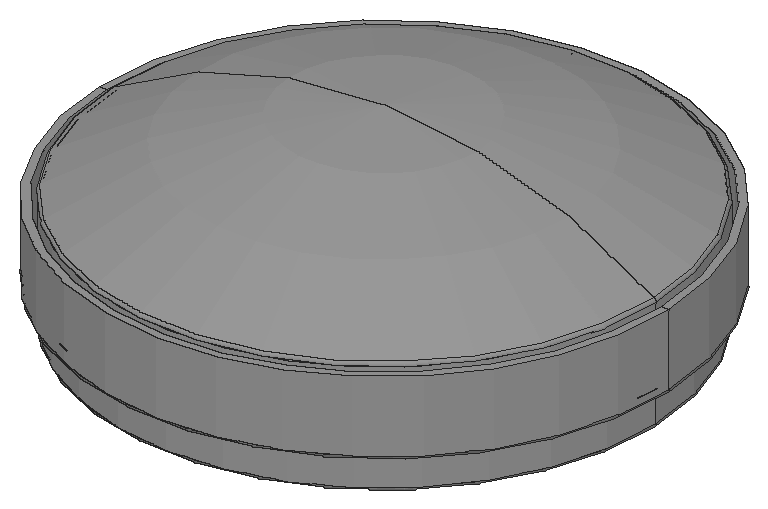
Revit family "3034765 Sylvania Lighting Fixture GIOTTO305 LED G2 3000K SURFACE", category Lighting Fixtures, host Face, Revit 2016
Family settings
  Host = Face
  Part Type = Normal
  Round Connector Dimension = Use Diameter
  OmniClass Number = 23.80.70.00
  OmniClass Title = Lighting
  Cut with Voids When Loaded = No
  Light Source = Yes
  Shared = No
  Room Calculation Point = No
Parameters (values of type "3034765 GIOTTO305 LED G2 3000K SURFACE")
  Weight = "1.11 kg"
  Wattage Comments = ""
  Wattage = 19 W
  WarrantyStartDate [instance] = "n/a"
  WarrantyGuarantorParts = "n/a"
  WarrantyDurationUnit = "n/a"
  WarrantyDurationParts = "n/a"
  WarrantyDescription = "n/a"
  built-in parameter 1150110 = 1 (stored number, unit not read)
  Voltage = 0 V
  URL = "http://www.sylvania-lighting.com"
  TypeName = "GIOTTO305 LED G2 3000K SURFACE"
  Type Image = <None>
  Type Comments = "n/a"
  built-in parameter 1114217 = 1 (stored number, unit not read)
  Tilt Angle = -90.00°
  built-in parameter 1150109 = 1 (stored number, unit not read)
  built-in parameter 1150134 = (empty or 0)
  built-in parameter 1150113 = 1 (stored number, unit not read)
  SerialNumber [instance] = "n/a"
  Photometric Web File = "3034765.ies"
  Material_3_SYL = LED-Sylvania
  PowerFactor = 0
  PowerConsumption = "19 W"
  NominalLength = 305 mm
  NominalHeight = 104 mm
  NominalDepth = 305 mm
  Name = "GIOTTO305 LED G2 3000K SURFACE"
  ModelReference = Name  # "GIOTTO305 LED G2 3000K SURFACE"
  ModelNumber = "3034765"
  Model = Name  # "GIOTTO305 LED G2 3000K SURFACE"
  Material = "polycarbonate housing, polycarbonate diffuser"
  ManufacturerName = "Feilo Sylvania"
  Manufacturer = "Feilo Sylvania"
  LuminousEfficacy = "78 lm/W"
  built-in parameter 1150105 = 117.93 (stored number, unit not read)
  Lumens = 1482 lm
  LuminaireType = ""
  built-in parameter 1150115 = 1 (stored number, unit not read)
  LightOutputRatio = "n/a"
  built-in parameter 1150137 = (empty or 0)
  built-in parameter 1150139 = (empty or 0)
  LampsType = Lamp  # "LED"
  LampNominalLuminous = "1491 lm"
  LampMacAdamStep = "n/a"
  LampColourTemperature = "3000 K"
  LampColourRenderingIndex = "80"
  built-in parameter 1150112 = 1 (stored number, unit not read)
  built-in parameter 1150114 = 1 (stored number, unit not read)
  Lamp = "LED"
  Keynote = "16500"
  InstallationDate [instance] = "n/a"
  InputVoltage = "n/a"
  InputNominalFrequency = "n/a"
  built-in parameter 1150132 = (empty or 0)
  built-in parameter 1150102 = (empty or 0)
  built-in parameter 1150107 = 3000 (stored number, unit not read)
  built-in parameter 1150138 = (empty or 0)
  IngressProtection = "IP44"
  ImpactProtectionIndex = "IK10"
  built-in parameter 1150106 = 1.1793 (stored number, unit not read)
  IfcExportType = "IfcLightFixtureType"
  IfcExportAs = "IfcLightFixtureType"
  Height_SYL = 104 mm
  ExpectedLife = 50000
  Emit from Circle Diameter = 317 mm
  Emit Shape Visible in Rendering = no
  ElectricShockClassification = "Class I"
  built-in parameter 1150104 = 7.2464 (stored number, unit not read)
  DurationUnit = "hours"
  DocumentationLiterature = "http://www.sylvania-lighting.com/product/en-int/products/3034765"
  DimmingControlOptions = "n/a"
  Material_2_SYL = Polycarbonate_Sylvania_Giotto_Opal
  Dimming Lamp Color Temperature Shift = <None>
  DiffuserRadius_SYL = 282.611 mm
  Diameter_SYL = 305 mm
  Description = "Ambient and decorative round, surface mounted LED bulkhead luminaire. White robust polycarbonate body with opal diffuser, 1491 lm, 19W, 78lm/W, 3000K, CRI 80, non-dimmable, 50,000 hours lumen maintenance. Drive current: 700mA, IP44, IK10, Class I, 220-240V, Energy class: A++, A+, A."
  Default Elevation = 1219.2 mm
  CreatedOn = "11/7/2018"
  CreatedBy = "@sylvania-lighting.com"
  Cost = 0
  Color Filter = 16777215
  built-in parameter 1114216 [instance] = (empty or 0)
  ClassificationValue = "EF_70_80"
  ClassificationName = "Uniclass2015"
  Material_1_SYL = Polycarbonate_Sylvania_Giotto_White
  BarCode [instance] = "n/a"
  built-in parameter 1114218 = 1 (stored number, unit not read)
  built-in parameter 1150133 = 10 (stored number, unit not read)
  AssetType = "Fixed"
  AssetIdentifier [instance] = "n/a"
  Assembly Code = "D5020200"
  Apparent Load = 19 VA
  Material_4_SYL = none
Reference planes
  plane 1 "Center (Front/Back)": y = 0
  plane 2: z = 0
  plane 3 "Center (Left/Right)": x = 0
  plane 4: x = 152.5
  plane 5: x = -152.5
  plane 6: x = -145.5
  plane 7: x = -148.5
  plane 8: z = 104
  plane 9: z = 59
  plane 10: z = 19
  plane 11: z = 24
  plane 12: x = -150.9
  plane 13: z = 20.6
  plane 14: z = 1.6
  plane 15: x = -143.9
  plane 16: z = 18
  plane 17: x = -146.5
  plane 18: z = 25
  plane 19: z = 61
Forms (mm)
  Revolve 1, solid, material "Polycarbonate_Sylvania_Giotto_White" <- "Material_1_SYL"
    sketch origin (0, 0, 0) x (1, 0, 0) y (0, 0, 1)
      loop
        line (0, 0) -> (0, 25) -> (-143.9, 25) -> (-143.9, 24) -> (-148.5, 24) -> (-148.5, 59) -> (-152.5, 59) -> (-152.5, 20.6)
        arc (-152.5, 20.6) -> (-152.031, 19.469) -> (-150.9, 19) r 1.6
        line (-150.9, 19) -> (-146.5, 19)
        arc (-146.5, 19) -> (-145.793, 18.707) -> (-145.5, 18) r 1
        line (-145.5, 18) -> (-145.5, 1.6)
        arc (-145.5, 1.6) -> (-145.031, 0.469) -> (-143.9, 0) r 1.6
        line (-143.9, 0) -> (0, 0)
      axis (0, 59) -> (0, 0)
    angle from 360 to 0
  Revolve 2, solid, material "Polycarbonate_Sylvania_Giotto_Opal" <- "Material_2_SYL"
    sketch origin (0, 0, 0) x (1, 0, 0) y (0, 0, 1)
      loop
        line (-145.5, 24) -> (-143.9, 24) -> (-143.9, 59.636)
        arc (-143.9, 59.636) -> (-143.79, 60.068) -> (-143.485, 60.394) r 0.9
        arc (-143.485, 60.394) -> (-74.754, 91.683) -> (0, 102.4) r 266.066
        line (0, 102.4) -> (0, 104)
        arc (0, 104) -> (-75.203, 93.218) -> (-144.348, 61.742) r 267.666
        arc (-144.348, 61.742) -> (-145.193, 60.836) -> (-145.5, 59.636) r 2.5
        line (-145.5, 59.636) -> (-145.5, 24)
      axis (0, 104) -> (0, 24)
    angle from 360 to 0
Dimensions and locks
  equal spacing: plane 4, plane 3 "Center (Left/Right)", plane 5
  "Diameter_SYL": plane 4 to plane 5
  locked: plane 6 to plane 5 at 7
  locked: plane 7 to plane 5 at 4
  "Height_SYL": plane 8 to plane 2
  locked: plane 8 to plane 9 at 45
  locked: plane 9 to plane 10 at 40
  Revolve 1 sketch curve to Revolve 1 sketch curve = 4.4 mm
  locked: plane 11 to plane 10 at 5
  locked: plane 12 to plane 5 at 1.6
  locked: plane 13 to plane 10 at 1.6
  locked: plane 14 to plane 2 at 1.6
  locked: plane 15 to plane 6 at 1.6
  locked: plane 6 to plane 17 at 1
  locked: plane 10 to plane 16 at 1
  locked: plane 18 to plane 11 at 1
  locked: plane 19 to plane 9 at 2
  aligned and locked: plane 2 to host face
  aligned and locked: level to host face
  aligned and locked: Revolve 1 sketch curve to plane 3 "Center (Left/Right)"
  aligned and locked: level to Revolve 1 sketch curve
  aligned and locked: Revolve 1 sketch curve to plane 10
  aligned and locked: plane 9 to Revolve 1 sketch curve
  aligned and locked: Revolve 1 sketch curve to plane 7
  aligned and locked: plane 12 to Revolve 1 sketch curve  (x2)
  aligned and locked: plane 13 to Revolve 1 sketch curve  (x2)
  aligned and locked: plane 15 to Revolve 1 sketch curve  (x3)
  aligned and locked: plane 14 to Revolve 1 sketch curve  (x2)
  aligned and locked: plane 3 "Center (Left/Right)" to imposter light
  aligned and locked: imposter light to plane 1 "Center (Front/Back)"
  aligned and locked: plane 18 to Revolve 1 sketch curve
  aligned and locked: plane 11 to Revolve 1 sketch curve
  aligned and locked: imposter light to plane 8
  aligned and locked: plane 6 to Revolve 1 sketch curve
  aligned and locked: plane 17 to Revolve 1 sketch curve
  aligned and locked: plane 16 to Revolve 1 sketch curve
  aligned and locked: Revolve 2 sketch curve to plane 3 "Center (Left/Right)"
  aligned and locked: plane 6 to Revolve 2 sketch curve
  aligned and locked: plane 3 "Center (Left/Right)" to Revolve 2 sketch curve
  aligned and locked: plane 11 to Revolve 2 sketch curve
  aligned and locked: Revolve 2 sketch curve to imposter light
Automatic sketch dimensions
  host sketch curve to host sketch curve = 2438.4 mm  (x2)
  Revolve 1 sketch curve to plane 3 "Center (Left/Right)" = 0 mm
  Revolve 1 sketch curve to level = 609.6 mm
  Revolve 1 sketch curve to plane 8 = 2499.058 mm
  Revolve 2 sketch curve to Revolve 2 sketch curve = 0 mm  (x4)
  Revolve 2 sketch curve to plane 15 = 0 mm
  Revolve 2 sketch curve to plane 8 = 0 mm
  plane 15 to Revolve 2 sketch curve = 0.9 mm
  Revolve 2 sketch curve to level = 163.666 mm
  Revolve 2 sketch curve to plane 9 = 0.636 mm
  Revolve 2 sketch curve to Revolve 2 sketch curve = 445.934 mm
  Revolve 2 sketch curve to plane 8 = 2505.058 mm
Connectors
  electrical at (0, 0, 0), driven by "Apparent Load", driven by "PowerFactor", driven by "Voltage"
    settings: index 1, voltage 0 V, apparent load 19 VA, apparent load phase1 0 VA, apparent load phase2 0 VA, apparent load phase3 0 VA, power factor 0, load classification "Lighting", number of poles 1, system type 30, power factor state 1, is connector primary yes, connector utility no, sub classification motor no, connector description ""
